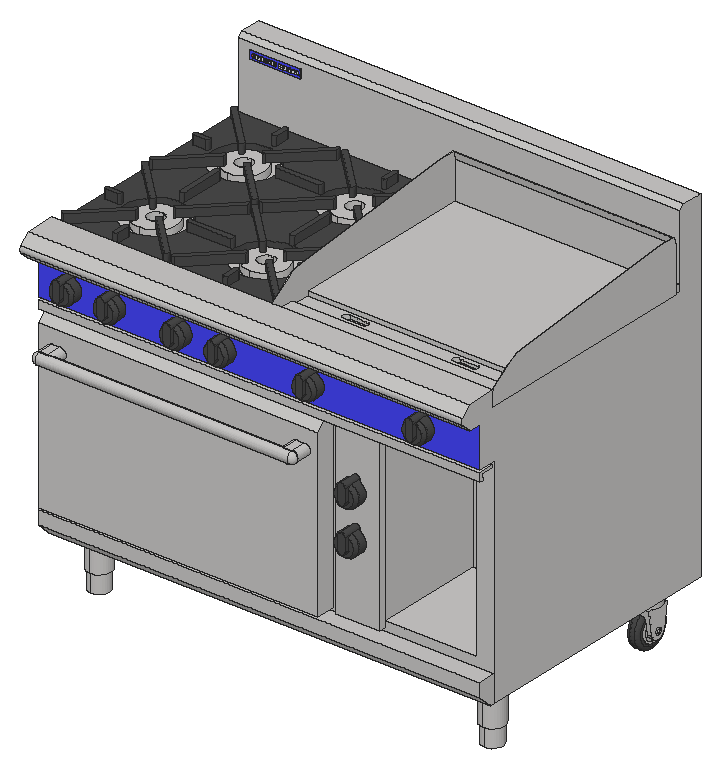
Revit family "QF_MOFFAT_BLUESEAL_CE_GE508B", category Specialty Equipment, Revit 2012
Parameters
  Width = 1200 mm
  Weight in Pounds = 485
  Watts = 6200 W
  Volts = 400 V
  URL Cutsheet = "www.moffat.com"
  URL = "www.moffat.com"
  Type Mark [instance] = ""
  Status [instance] = ""
  Specification by User [instance] = ""
  Specification by Manufacturer = ""
  Show Logo [instance] = yes
  Show Clearance [instance] = yes
  Show Casters [instance] = yes
  Serial Number = ""
  Seismic Rating = ""
  SMACNA No = ""
  Revision Code [instance] = ""
  Phase = 3
  Omniclass Number and Title = ""
  Number of Poles [instance] = 1
  NAFEM Spec ID Number = ""
  Model = "GE508B"
  Min Ckt Ampacity = 0 A
  Mechanical Remarks = ""
  Mechanical Connection Type [instance] = ""
  Max Overcurrent Protection = 0 A
  Masterspec = ""
  Manufacturer = "MOFFAT BLUESEAL"
  Legs [instance] = not(Show Casters)  # no
  Item Number [instance] = ""
  Installed By [instance] = ""
  Identify Quantity as Lot [instance] = yes
  Height = 970 mm
  HP = ""
  Gas Size = 3/4"
  Gas RI Height [instance] = 0 mm
  Gas KW [instance] = 40
  Gas Input [instance] = 137000.0 Btu/h
  Gas Connection Height = 0 mm
  Furnished By [instance] = ""
  Foodservice Equipment Identifier [instance] = yes
  FL Amps = 9.4 A
  Electrical Remarks = "9.4A PER PHASE"
  Electric Connection Type = ""
  Elec Conn RI Height = 0 mm
  Elec Conn Connection Height = 0 mm
  Description = "1200MM GAS RANGE WITH ELECTRIC STATIC OVEN"
  Depth = 812 mm
  Cycle = 50 Hz
  Conn Plug = ""
  Conn Conduit = yes
  CSI MasterFormat = ""
  CSI Master Format = ""
  Body Finish = QF_Finishes_Stainless Steel
  Apparent Power = 0 VA
Reference planes
  plane 1 "BACK": y = 0
  plane 2: z = 0
  plane 3 "LEFT": x = 0
  plane 4 "RIGHT": x = 1200
  plane 5 "FRONT": y = -812
  plane 6 "TOP": z = 970
  plane 7 "Center Y": x = 600
  plane 8 "Center X": y = -406
  plane 9: x = 280
  plane 10: y = -574.272
  plane 11: x = 60
  plane 12: y = -304.972
  plane 13: y = -364.972
  plane 14: x = 74
  plane 15: y = -812
  plane 16: x = 1134.5
  plane 17: y = -32
  plane 18: z = 655
  plane 19: x = 65.5
  plane 20: x = 65.8
  plane 21: z = 1085
  plane 22: y = -705
Forms (mm)
  Extrusion 1, solid, material "QF_Finishes_Stainless Steel" <- "Body Finish"
    sketch origin (0, 0, 0) x (0, 1, 0) y (0, 0, 1)
      loop
        line (0, 150) -> (0, 1085) -> (-57.5, 1085) -> (-70, 1072.5) -> (-70, 875) -> (-705, 875) -> (-705, 915) -> (-783.97, 915) -> (-808.49, 890.48)
        arc (-808.49, 890.48) -> (-812.002, 882) -> (-808.49, 873.52) r 11.993
        line (-808.49, 873.52) -> (-784.97, 850) -> (-749, 850) -> (-749, 740) -> (-699, 740) -> (-699, 150) -> (0, 150)
      loop
        line (-749, 222.5) -> (-749, 186) -> (-713.071, 150.071) -> (-703.2, 150.071) -> (-703.2, 222.5) -> (-749, 222.5)
      loop
        line (-749, 710) -> (-740.224, 710) -> (-742.613, 726.999) -> (-707.93, 726.999) -> (-707.93, 734.003) -> (-749, 734.003) -> (-749, 710)
    from 0 to 1200
  Extrusion 2, solid, material "QF_Finishes_Stainless Steel"
    sketch origin (0, 7, 0) x (0, 1, 0) y (0, 0, 1)
      loop
        line (-706, 700) -> (-732, 700) -> (-756, 676) -> (-756, 227.5) -> (-706, 227.5) -> (-706, 700)
    from 0 to 760
  Extrusion 3, solid, material "QF_Finishes_Stainless Steel"
    sketch origin (723.5, 7, 0) x (0, 1, 0) y (0, 0, 1)
      loop
        line (-706, 700) -> (-721, 700) -> (-721, 227.5) -> (-706, 227.5) -> (-706, 700)
    from 56.898 to 176.5
  Revolve 4, solid, material "QF_Finishes_Stainless Steel" <- "Body Finish"
    sketch origin (1134.5, -696.126, 0) x (0, 1, 0) y (0, 0, -1)
      loop
        line (39.376, -150) -> (71.126, -150) -> (71.126, 0) -> (43.626, 0) -> (43.626, -50) -> (39.376, -50) -> (39.376, -150)
      axis (71.126, -150) -> (71.126, 0)
    angle from 0 to 360
  Revolve 5, solid, material "QF_Finishes_Stainless Steel" <- "Body Finish"
    sketch origin (65.5, -696.126, 0) x (0, 1, 0) y (0, 0, 1)
      loop
        line (39.376, 150) -> (39.376, 50) -> (43.626, 50) -> (43.626, 0) -> (71.126, 0) -> (71.126, 150) -> (39.376, 150)
      axis (71.126, 150) -> (71.126, 0)
    angle from 0 to 360
  Extrusion 6, solid, material "QF_Finishes_Stainless Steel"
    sketch origin (-64.5, 0, 325) x (1, 0, 0) y (0, 1, 0)
      loop
        circle (1134.5, -32) r 10
    from 330 to 374.856
  Extrusion 7, void
    sketch origin (0, -703.73, 150) x (0, 0, -1) y (-1, 0, 0)
      loop
        line (-526, -900) -> (-526, -1150) -> (-96, -1150) -> (-96, -900) -> (-526, -900)
    from 0 to 304.8
  Extrusion 8, solid, material "QF_Finishes_Black"
    sketch origin (0, -70, 875) x (0, -1, 0) y (1, 0, 0)
      loop
        arc (1, 4) -> (1.879, 1.879) -> (4, 1) r 3
        line (4, 1) -> (632, 1)
        arc (632, 1) -> (634.121, 1.879) -> (635, 4) r 3
        line (635, 4) -> (635, 597)
        arc (635, 597) -> (634.121, 599.121) -> (632, 600) r 3
        line (632, 600) -> (4, 600)
        arc (4, 600) -> (1.879, 599.121) -> (1, 597) r 3
        line (1, 597) -> (1, 4)
      loop
        circle (167.5, 150) r 85
      loop
        circle (167.5, 450) r 85
      loop
        circle (467.768, 150) r 85
      loop
        circle (467.768, 450) r 85
    from 0 to 19.5
  Extrusion 9, solid, material "QF_Finishes_Black"
    sketch origin (0, -70, 894.5) x (0, -1, 0) y (1, 0, 0)
      loop
        spline (327.102, 15.153) -> (326.181, 13.924) -> (325.631, 12.47) -> (325.49, 10.89) -> (325.767, 9.292) -> (326.443, 7.786) -> (327.473, 6.473) -> (328.786, 5.443) -> (330.292, 4.767) -> (331.89, 4.49) -> (333.47, 4.631) -> (334.924, 5.181) -> (336.153, 6.102)
        line (336.153, 6.102) -> (444.076, 114.025)
        spline (444.076, 114.025) -> (444.837, 115.095) -> (445.238, 116.399) -> (445.251, 117.851) -> (444.875, 119.35) -> (444.137, 120.795) -> (443.086, 122.086) -> (441.795, 123.137) -> (440.35, 123.875) -> (438.851, 124.251) -> (437.399, 124.238) -> (436.095, 123.837) -> (435.025, 123.076)
        line (435.025, 123.076) -> (327.102, 15.153)
      loop
        line (611.398, 15.153) -> (503.475, 123.076)
        spline (503.475, 123.076) -> (502.405, 123.837) -> (501.101, 124.238) -> (499.649, 124.251) -> (498.15, 123.875) -> (496.705, 123.137) -> (495.414, 122.086) -> (494.363, 120.795) -> (493.625, 119.35) -> (493.249, 117.851) -> (493.262, 116.399) -> (493.663, 115.095) -> (494.424, 114.025)
        line (494.424, 114.025) -> (602.347, 6.102)
        spline (602.347, 6.102) -> (603.416, 5.341) -> (604.721, 4.941) -> (606.172, 4.928) -> (607.671, 5.303) -> (609.116, 6.041) -> (610.408, 7.092) -> (611.459, 8.384) -> (612.197, 9.829) -> (612.572, 11.328) -> (612.559, 12.779) -> (612.159, 14.084) -> (611.398, 15.153)
      loop
        spline (379.102, 143.6) -> (380.396, 143.818) -> (381.602, 144.457) -> (382.638, 145.475) -> (383.432, 146.8) -> (383.932, 148.344) -> (384.102, 150) -> (383.932, 151.656) -> (383.432, 153.2) -> (382.638, 154.525) -> (381.602, 155.543) -> (380.396, 156.182) -> (379.102, 156.4)
        line (379.102, 156.4) -> (259.398, 156.4)
        spline (259.398, 156.4) -> (258.104, 156.182) -> (256.898, 155.543) -> (255.862, 154.525) -> (255.068, 153.2) -> (254.568, 151.656) -> (254.398, 150) -> (254.568, 148.344) -> (255.068, 146.8) -> (255.862, 145.475) -> (256.898, 144.457) -> (258.104, 143.818) -> (259.398, 143.6)
        line (259.398, 143.6) -> (379.102, 143.6)
      loop
        spline (23.602, 15.153) -> (22.681, 13.924) -> (22.131, 12.47) -> (21.99, 10.89) -> (22.267, 9.292) -> (22.943, 7.786) -> (23.973, 6.473) -> (25.286, 5.443) -> (26.792, 4.767) -> (28.39, 4.49) -> (29.97, 4.631) -> (31.424, 5.181) -> (32.653, 6.102)
        line (32.653, 6.102) -> (140.576, 114.025)
        spline (140.576, 114.025) -> (141.337, 115.095) -> (141.738, 116.399) -> (141.751, 117.851) -> (141.375, 119.35) -> (140.637, 120.795) -> (139.586, 122.086) -> (138.295, 123.137) -> (136.85, 123.875) -> (135.351, 124.251) -> (133.899, 124.238) -> (132.595, 123.837) -> (131.525, 123.076)
        line (131.525, 123.076) -> (23.602, 15.153)
      loop
        line (311.398, 15.153) -> (203.475, 123.076)
        spline (203.475, 123.076) -> (202.405, 123.837) -> (201.101, 124.238) -> (199.649, 124.251) -> (198.15, 123.875) -> (196.705, 123.137) -> (195.414, 122.086) -> (194.363, 120.795) -> (193.625, 119.35) -> (193.249, 117.851) -> (193.262, 116.399) -> (193.663, 115.095) -> (194.424, 114.025)
        line (194.424, 114.025) -> (302.347, 6.102)
        spline (302.347, 6.102) -> (303.416, 5.341) -> (304.721, 4.941) -> (306.172, 4.928) -> (307.671, 5.303) -> (309.116, 6.041) -> (310.408, 7.092) -> (311.459, 8.384) -> (312.197, 9.829) -> (312.572, 11.328) -> (312.559, 12.779) -> (312.159, 14.084) -> (311.398, 15.153)
      loop
        line (327.102, 284.847) -> (435.025, 176.924)
        spline (435.025, 176.924) -> (436.095, 176.163) -> (437.399, 175.762) -> (438.851, 175.749) -> (440.35, 176.125) -> (441.795, 176.863) -> (443.086, 177.914) -> (444.137, 179.205) -> (444.875, 180.65) -> (445.251, 182.149) -> (445.238, 183.601) -> (444.837, 184.905) -> (444.076, 185.975)
        line (444.076, 185.975) -> (336.153, 293.898)
        spline (336.153, 293.898) -> (334.924, 294.819) -> (333.47, 295.369) -> (331.89, 295.51) -> (330.292, 295.233) -> (328.786, 294.557) -> (327.473, 293.527) -> (326.443, 292.214) -> (325.767, 290.708) -> (325.49, 289.11) -> (325.631, 287.53) -> (326.181, 286.076) -> (327.102, 284.847)
      loop
        spline (611.398, 284.847) -> (612.159, 285.916) -> (612.559, 287.221) -> (612.572, 288.672) -> (612.197, 290.171) -> (611.459, 291.616) -> (610.408, 292.908) -> (609.116, 293.959) -> (607.671, 294.697) -> (606.172, 295.072) -> (604.721, 295.059) -> (603.416, 294.659) -> (602.347, 293.898)
        line (602.347, 293.898) -> (494.424, 185.975)
        spline (494.424, 185.975) -> (493.663, 184.905) -> (493.262, 183.601) -> (493.249, 182.149) -> (493.625, 180.65) -> (494.363, 179.205) -> (495.414, 177.914) -> (496.705, 176.863) -> (498.15, 176.125) -> (499.649, 175.749) -> (501.101, 175.762) -> (502.405, 176.163) -> (503.475, 176.924)
        line (503.475, 176.924) -> (611.398, 284.847)
      loop
        spline (461.1, 241.898) -> (461.318, 240.604) -> (461.957, 239.398) -> (462.975, 238.362) -> (464.3, 237.568) -> (465.844, 237.068) -> (467.5, 236.898) -> (469.156, 237.068) -> (470.7, 237.568) -> (472.025, 238.362) -> (473.043, 239.398) -> (473.682, 240.604) -> (473.9, 241.898)
        line (473.9, 241.898) -> (473.9, 358.102)
        spline (473.9, 358.102) -> (473.682, 359.396) -> (473.043, 360.602) -> (472.025, 361.638) -> (470.7, 362.432) -> (469.156, 362.932) -> (467.5, 363.102) -> (465.844, 362.932) -> (464.3, 362.432) -> (462.975, 361.638) -> (461.957, 360.602) -> (461.318, 359.396) -> (461.1, 358.102)
        line (461.1, 358.102) -> (461.1, 241.898)
      loop
        line (23.602, 284.847) -> (131.525, 176.924)
        spline (131.525, 176.924) -> (132.595, 176.163) -> (133.899, 175.762) -> (135.351, 175.749) -> (136.85, 176.125) -> (138.295, 176.863) -> (139.586, 177.914) -> (140.637, 179.205) -> (141.375, 180.65) -> (141.751, 182.149) -> (141.738, 183.601) -> (141.337, 184.905) -> (140.576, 185.975)
        line (140.576, 185.975) -> (32.653, 293.898)
        spline (32.653, 293.898) -> (31.424, 294.819) -> (29.97, 295.369) -> (28.39, 295.51) -> (26.792, 295.233) -> (25.286, 294.557) -> (23.973, 293.527) -> (22.943, 292.214) -> (22.267, 290.708) -> (21.99, 289.11) -> (22.131, 287.53) -> (22.681, 286.076) -> (23.602, 284.847)
      loop
        spline (311.398, 284.847) -> (312.159, 285.916) -> (312.559, 287.221) -> (312.572, 288.672) -> (312.197, 290.171) -> (311.459, 291.616) -> (310.408, 292.908) -> (309.116, 293.959) -> (307.671, 294.697) -> (306.172, 295.072) -> (304.721, 295.059) -> (303.416, 294.659) -> (302.347, 293.898)
        line (302.347, 293.898) -> (194.424, 185.975)
        spline (194.424, 185.975) -> (193.663, 184.905) -> (193.262, 183.601) -> (193.249, 182.149) -> (193.625, 180.65) -> (194.363, 179.205) -> (195.414, 177.914) -> (196.705, 176.863) -> (198.15, 176.125) -> (199.649, 175.749) -> (201.101, 175.762) -> (202.405, 176.163) -> (203.475, 176.924)
        line (203.475, 176.924) -> (311.398, 284.847)
      loop
        spline (161.1, 241.898) -> (161.318, 240.604) -> (161.957, 239.398) -> (162.975, 238.362) -> (164.3, 237.568) -> (165.844, 237.068) -> (167.5, 236.898) -> (169.156, 237.068) -> (170.7, 237.568) -> (172.025, 238.362) -> (173.043, 239.398) -> (173.682, 240.604) -> (173.9, 241.898)
        line (173.9, 241.898) -> (173.9, 358.102)
        spline (173.9, 358.102) -> (173.682, 359.396) -> (173.043, 360.602) -> (172.025, 361.638) -> (170.7, 362.432) -> (169.156, 362.932) -> (167.5, 363.102) -> (165.844, 362.932) -> (164.3, 362.432) -> (162.975, 361.638) -> (161.957, 360.602) -> (161.318, 359.396) -> (161.1, 358.102)
        line (161.1, 358.102) -> (161.1, 241.898)
      loop
        line (379.102, 456.4) -> (259.398, 456.4)
        spline (259.398, 456.4) -> (258.104, 456.182) -> (256.898, 455.543) -> (255.862, 454.525) -> (255.068, 453.2) -> (254.568, 451.656) -> (254.398, 450) -> (254.568, 448.344) -> (255.068, 446.8) -> (255.862, 445.475) -> (256.898, 444.457) -> (258.104, 443.818) -> (259.398, 443.6)
        line (259.398, 443.6) -> (379.102, 443.6)
        spline (379.102, 443.6) -> (380.396, 443.818) -> (381.602, 444.457) -> (382.638, 445.475) -> (383.432, 446.8) -> (383.932, 448.344) -> (384.102, 450) -> (383.932, 451.656) -> (383.432, 453.2) -> (382.638, 454.525) -> (381.602, 455.543) -> (380.396, 456.182) -> (379.102, 456.4)
      loop
        spline (327.102, 315.153) -> (326.181, 313.924) -> (325.631, 312.47) -> (325.49, 310.89) -> (325.767, 309.292) -> (326.443, 307.786) -> (327.473, 306.473) -> (328.786, 305.443) -> (330.292, 304.767) -> (331.89, 304.49) -> (333.47, 304.631) -> (334.924, 305.181) -> (336.153, 306.102)
        line (336.153, 306.102) -> (444.076, 414.025)
        spline (444.076, 414.025) -> (444.837, 415.095) -> (445.238, 416.399) -> (445.251, 417.851) -> (444.875, 419.35) -> (444.137, 420.795) -> (443.086, 422.086) -> (441.795, 423.137) -> (440.35, 423.875) -> (438.851, 424.251) -> (437.399, 424.238) -> (436.095, 423.837) -> (435.025, 423.076)
        line (435.025, 423.076) -> (327.102, 315.153)
      loop
        line (611.398, 315.153) -> (503.475, 423.076)
        spline (503.475, 423.076) -> (502.405, 423.837) -> (501.101, 424.238) -> (499.649, 424.251) -> (498.15, 423.875) -> (496.705, 423.137) -> (495.414, 422.086) -> (494.363, 420.795) -> (493.625, 419.35) -> (493.249, 417.851) -> (493.262, 416.399) -> (493.663, 415.095) -> (494.424, 414.025)
        line (494.424, 414.025) -> (602.347, 306.102)
        spline (602.347, 306.102) -> (603.416, 305.341) -> (604.721, 304.941) -> (606.172, 304.928) -> (607.671, 305.303) -> (609.116, 306.041) -> (610.408, 307.092) -> (611.459, 308.384) -> (612.197, 309.829) -> (612.572, 311.328) -> (612.559, 312.779) -> (612.159, 314.084) -> (611.398, 315.153)
      loop
        spline (23.602, 315.153) -> (22.681, 313.924) -> (22.131, 312.47) -> (21.99, 310.89) -> (22.267, 309.292) -> (22.943, 307.786) -> (23.973, 306.473) -> (25.286, 305.443) -> (26.792, 304.767) -> (28.39, 304.49) -> (29.97, 304.631) -> (31.424, 305.181) -> (32.653, 306.102)
        line (32.653, 306.102) -> (140.576, 414.025)
        spline (140.576, 414.025) -> (141.337, 415.095) -> (141.738, 416.399) -> (141.751, 417.851) -> (141.375, 419.35) -> (140.637, 420.795) -> (139.586, 422.086) -> (138.295, 423.137) -> (136.85, 423.875) -> (135.351, 424.251) -> (133.899, 424.238) -> (132.595, 423.837) -> (131.525, 423.076)
        line (131.525, 423.076) -> (23.602, 315.153)
      loop
        line (311.398, 315.153) -> (203.475, 423.076)
        spline (203.475, 423.076) -> (202.405, 423.837) -> (201.101, 424.238) -> (199.649, 424.251) -> (198.15, 423.875) -> (196.705, 423.137) -> (195.414, 422.086) -> (194.363, 420.795) -> (193.625, 419.35) -> (193.249, 417.851) -> (193.262, 416.399) -> (193.663, 415.095) -> (194.424, 414.025)
        line (194.424, 414.025) -> (302.347, 306.102)
        spline (302.347, 306.102) -> (303.416, 305.341) -> (304.721, 304.941) -> (306.172, 304.928) -> (307.671, 305.303) -> (309.116, 306.041) -> (310.408, 307.092) -> (311.459, 308.384) -> (312.197, 309.829) -> (312.572, 311.328) -> (312.559, 312.779) -> (312.159, 314.084) -> (311.398, 315.153)
      loop
        line (327.102, 584.847) -> (435.025, 476.924)
        spline (435.025, 476.924) -> (436.095, 476.163) -> (437.399, 475.762) -> (438.851, 475.749) -> (440.35, 476.125) -> (441.795, 476.863) -> (443.086, 477.914) -> (444.137, 479.205) -> (444.875, 480.65) -> (445.251, 482.149) -> (445.238, 483.601) -> (444.837, 484.905) -> (444.076, 485.975)
        line (444.076, 485.975) -> (336.153, 593.898)
        spline (336.153, 593.898) -> (334.924, 594.819) -> (333.47, 595.369) -> (331.89, 595.51) -> (330.292, 595.233) -> (328.786, 594.557) -> (327.473, 593.527) -> (326.443, 592.214) -> (325.767, 590.708) -> (325.49, 589.11) -> (325.631, 587.53) -> (326.181, 586.076) -> (327.102, 584.847)
      loop
        spline (611.398, 584.847) -> (612.159, 585.916) -> (612.559, 587.221) -> (612.572, 588.672) -> (612.197, 590.171) -> (611.459, 591.616) -> (610.408, 592.908) -> (609.116, 593.959) -> (607.671, 594.697) -> (606.172, 595.072) -> (604.721, 595.059) -> (603.416, 594.659) -> (602.347, 593.898)
        line (602.347, 593.898) -> (494.424, 485.975)
        spline (494.424, 485.975) -> (493.663, 484.905) -> (493.262, 483.601) -> (493.249, 482.149) -> (493.625, 480.65) -> (494.363, 479.205) -> (495.414, 477.914) -> (496.705, 476.863) -> (498.15, 476.125) -> (499.649, 475.749) -> (501.101, 475.762) -> (502.405, 476.163) -> (503.475, 476.924)
        line (503.475, 476.924) -> (611.398, 584.847)
      loop
        line (23.602, 584.847) -> (131.525, 476.924)
        spline (131.525, 476.924) -> (132.595, 476.163) -> (133.899, 475.762) -> (135.351, 475.749) -> (136.85, 476.125) -> (138.295, 476.863) -> (139.586, 477.914) -> (140.637, 479.205) -> (141.375, 480.65) -> (141.751, 482.149) -> (141.738, 483.601) -> (141.337, 484.905) -> (140.576, 485.975)
        line (140.576, 485.975) -> (32.653, 593.898)
        spline (32.653, 593.898) -> (31.424, 594.819) -> (29.97, 595.369) -> (28.39, 595.51) -> (26.792, 595.233) -> (25.286, 594.557) -> (23.973, 593.527) -> (22.943, 592.214) -> (22.267, 590.708) -> (21.99, 589.11) -> (22.131, 587.53) -> (22.681, 586.076) -> (23.602, 584.847)
      loop
        spline (311.398, 584.847) -> (312.159, 585.916) -> (312.559, 587.221) -> (312.572, 588.672) -> (312.197, 590.171) -> (311.459, 591.616) -> (310.408, 592.908) -> (309.116, 593.959) -> (307.671, 594.697) -> (306.172, 595.072) -> (304.721, 595.059) -> (303.416, 594.659) -> (302.347, 593.898)
        line (302.347, 593.898) -> (194.424, 485.975)
        spline (194.424, 485.975) -> (193.663, 484.905) -> (193.262, 483.601) -> (193.249, 482.149) -> (193.625, 480.65) -> (194.363, 479.205) -> (195.414, 477.914) -> (196.705, 476.863) -> (198.15, 476.125) -> (199.649, 475.749) -> (201.101, 475.762) -> (202.405, 476.163) -> (203.475, 476.924)
        line (203.475, 476.924) -> (311.398, 584.847)
      loop
        spline (473.9, 592.104) -> (473.682, 593.398) -> (473.043, 594.604) -> (472.025, 595.64) -> (470.7, 596.434) -> (469.156, 596.934) -> (467.5, 597.104) -> (465.844, 596.934) -> (464.3, 596.434) -> (462.975, 595.64) -> (461.957, 594.604) -> (461.318, 593.398) -> (461.1, 592.104)
        line (461.1, 592.104) -> (461.1, 542.13)
        spline (461.1, 542.13) -> (461.318, 540.836) -> (461.957, 539.63) -> (462.975, 538.595) -> (464.3, 537.8) -> (465.844, 537.301) -> (467.5, 537.13) -> (469.156, 537.301) -> (470.7, 537.8) -> (472.025, 538.595) -> (473.043, 539.63) -> (473.682, 540.836) -> (473.9, 542.13)
        line (473.9, 542.13) -> (473.9, 592.104)
      loop
        spline (173.9, 592.104) -> (173.682, 593.398) -> (173.043, 594.604) -> (172.025, 595.64) -> (170.7, 596.434) -> (169.156, 596.934) -> (167.5, 597.104) -> (165.844, 596.934) -> (164.3, 596.434) -> (162.975, 595.64) -> (161.957, 594.604) -> (161.318, 593.398) -> (161.1, 592.104)
        line (161.1, 592.104) -> (161.1, 542.13)
        spline (161.1, 542.13) -> (161.318, 540.836) -> (161.957, 539.63) -> (162.975, 538.595) -> (164.3, 537.8) -> (165.844, 537.301) -> (167.5, 537.13) -> (169.156, 537.301) -> (170.7, 537.8) -> (172.025, 538.595) -> (173.043, 539.63) -> (173.682, 540.836) -> (173.9, 542.13)
        line (173.9, 542.13) -> (173.9, 592.104)
      loop
        spline (65.602, 143.6) -> (66.896, 143.818) -> (68.102, 144.457) -> (69.138, 145.475) -> (69.932, 146.8) -> (70.432, 148.344) -> (70.602, 150) -> (70.432, 151.656) -> (69.932, 153.2) -> (69.138, 154.525) -> (68.102, 155.543) -> (66.896, 156.182) -> (65.602, 156.4)
        line (65.602, 156.4) -> (29.398, 156.4)
        spline (29.398, 156.4) -> (28.104, 156.182) -> (26.898, 155.543) -> (25.862, 154.525) -> (25.068, 153.2) -> (24.568, 151.656) -> (24.398, 150) -> (24.568, 148.344) -> (25.068, 146.8) -> (25.862, 145.475) -> (26.898, 144.457) -> (28.104, 143.818) -> (29.398, 143.6)
        line (29.398, 143.6) -> (65.602, 143.6)
      loop
        spline (65.602, 443.6) -> (66.896, 443.818) -> (68.102, 444.457) -> (69.138, 445.475) -> (69.932, 446.8) -> (70.432, 448.344) -> (70.602, 450) -> (70.432, 451.656) -> (69.932, 453.2) -> (69.138, 454.525) -> (68.102, 455.543) -> (66.896, 456.182) -> (65.602, 456.4)
        line (65.602, 456.4) -> (29.398, 456.4)
        spline (29.398, 456.4) -> (28.104, 456.182) -> (26.898, 455.543) -> (25.862, 454.525) -> (25.068, 453.2) -> (24.568, 451.656) -> (24.398, 450) -> (24.568, 448.344) -> (25.068, 446.8) -> (25.862, 445.475) -> (26.898, 444.457) -> (28.104, 443.818) -> (29.398, 443.6)
        line (29.398, 443.6) -> (65.602, 443.6)
      loop
        spline (605.602, 143.6) -> (606.896, 143.818) -> (608.102, 144.457) -> (609.138, 145.475) -> (609.932, 146.8) -> (610.432, 148.344) -> (610.602, 150) -> (610.432, 151.656) -> (609.932, 153.2) -> (609.138, 154.525) -> (608.102, 155.543) -> (606.896, 156.182) -> (605.602, 156.4)
        line (605.602, 156.4) -> (569.398, 156.4)
        spline (569.398, 156.4) -> (568.104, 156.182) -> (566.898, 155.543) -> (565.862, 154.525) -> (565.068, 153.2) -> (564.568, 151.656) -> (564.398, 150) -> (564.568, 148.344) -> (565.068, 146.8) -> (565.862, 145.475) -> (566.898, 144.457) -> (568.104, 143.818) -> (569.398, 143.6)
        line (569.398, 143.6) -> (605.602, 143.6)
      loop
        spline (605.602, 443.6) -> (606.896, 443.818) -> (608.102, 444.457) -> (609.138, 445.475) -> (609.932, 446.8) -> (610.432, 448.344) -> (610.602, 450) -> (610.432, 451.656) -> (609.932, 453.2) -> (609.138, 454.525) -> (608.102, 455.543) -> (606.896, 456.182) -> (605.602, 456.4)
        line (605.602, 456.4) -> (569.398, 456.4)
        spline (569.398, 456.4) -> (568.104, 456.182) -> (566.898, 455.543) -> (565.862, 454.525) -> (565.068, 453.2) -> (564.568, 451.656) -> (564.398, 450) -> (564.568, 448.344) -> (565.068, 446.8) -> (565.862, 445.475) -> (566.898, 444.457) -> (568.104, 443.818) -> (569.398, 443.6)
        line (569.398, 443.6) -> (605.602, 443.6)
      loop
        line (460.626, 50.584) -> (460.626, 16.591)
        spline (460.626, 16.591) -> (460.844, 15.297) -> (461.483, 14.091) -> (462.501, 13.055) -> (463.826, 12.261) -> (465.37, 11.761) -> (467.026, 11.591) -> (468.682, 11.761) -> (470.226, 12.261) -> (471.551, 13.055) -> (472.569, 14.091) -> (473.208, 15.297) -> (473.426, 16.591)
        line (473.426, 16.591) -> (473.426, 50.584)
        spline (473.426, 50.584) -> (473.208, 51.878) -> (472.569, 53.084) -> (471.551, 54.119) -> (470.226, 54.914) -> (468.682, 55.413) -> (467.026, 55.584) -> (465.37, 55.413) -> (463.826, 54.914) -> (462.501, 54.119) -> (461.483, 53.084) -> (460.844, 51.878) -> (460.626, 50.584)
      loop
        line (160.11, 50.584) -> (160.11, 16.591)
        spline (160.11, 16.591) -> (160.328, 15.297) -> (160.967, 14.091) -> (161.984, 13.055) -> (163.31, 12.261) -> (164.853, 11.761) -> (166.51, 11.591) -> (168.166, 11.761) -> (169.71, 12.261) -> (171.035, 13.055) -> (172.052, 14.091) -> (172.692, 15.297) -> (172.91, 16.591)
        line (172.91, 16.591) -> (172.91, 50.584)
        spline (172.91, 50.584) -> (172.692, 51.878) -> (172.052, 53.084) -> (171.035, 54.119) -> (169.71, 54.914) -> (168.166, 55.413) -> (166.51, 55.584) -> (164.853, 55.413) -> (163.31, 54.914) -> (161.984, 54.119) -> (160.967, 53.084) -> (160.328, 51.878) -> (160.11, 50.584)
    from 0 to 23.5
  Revolve 10, solid, material "QF_Finishes_Black"
    sketch origin (750.113, 45.874, -0.118) x (0, 1, 0) y (0, 0, 1)
      loop
        line (-827.874, 829.5) -> (-838.874, 823.651) -> (-838.874, 797) -> (-794.874, 797) -> (-794.874, 802) -> (-804.874, 802) -> (-804.874, 829.5) -> (-827.874, 829.5)
      axis (-838.874, 797) -> (-794.874, 797)
    angle from 0 to 360
  Revolve 11, solid, material "QF_Finishes_Black"
    sketch origin (90.649, 45.874, -0.118) x (0, 1, 0) y (0, 0, -1)
      loop
        line (-827.874, -829.5) -> (-804.874, -829.5) -> (-804.874, -802) -> (-794.874, -802) -> (-794.874, -797) -> (-838.874, -797) -> (-838.874, -823.651) -> (-827.874, -829.5)
      axis (-838.874, -797) -> (-794.874, -797)
    angle from 0 to 360
  Revolve 12, solid, material "QF_Finishes_Black"
    sketch origin (210.649, 45.874, -0.118) x (0, 1, 0) y (0, 0, -1)
      loop
        line (-827.874, -829.5) -> (-804.874, -829.5) -> (-804.874, -802) -> (-794.874, -802) -> (-794.874, -797) -> (-838.874, -797) -> (-838.874, -823.651) -> (-827.874, -829.5)
      axis (-838.874, -797) -> (-794.874, -797)
    angle from 0 to 360
  Revolve 13, solid, material "QF_Finishes_Black"
    sketch origin (390.625, 45.874, -0.118) x (0, 1, 0) y (0, 0, -1)
      loop
        line (-827.874, -829.5) -> (-804.874, -829.5) -> (-804.874, -802) -> (-794.874, -802) -> (-794.874, -797) -> (-838.874, -797) -> (-838.874, -823.651) -> (-827.874, -829.5)
      axis (-838.874, -797) -> (-794.874, -797)
    angle from 0 to 360
  Revolve 14, solid, material "QF_Finishes_Black"
    sketch origin (510.625, 45.874, -0.118) x (0, 1, 0) y (0, 0, -1)
      loop
        line (-827.874, -829.5) -> (-804.874, -829.5) -> (-804.874, -802) -> (-794.874, -802) -> (-794.874, -797) -> (-838.874, -797) -> (-838.874, -823.651) -> (-827.874, -829.5)
      axis (-838.874, -797) -> (-794.874, -797)
    angle from 0 to 360
  Extrusion 15, solid, material "QF_Finishes_Black"
    sketch origin (238.456, 7, -0.118) x (-1, 0, 0) y (0, 0, -1)
      loop
        arc (158.3, -789) -> (148.3, -779) -> (138.3, -789) r 10
        line (138.3, -789) -> (138.3, -824)
        arc (138.3, -824) -> (148.3, -834) -> (158.3, -824) r 10
        line (158.3, -824) -> (158.3, -789)
    from 759 to 808
  Extrusion 16, solid, material "QF_Finishes_Black"
    sketch origin (358.456, 7, -0.118) x (-1, 0, 0) y (0, 0, -1)
      loop
        arc (158.3, -789) -> (148.3, -779) -> (138.3, -789) r 10
        line (138.3, -789) -> (138.3, -824)
        arc (138.3, -824) -> (148.3, -834) -> (158.3, -824) r 10
        line (158.3, -824) -> (158.3, -789)
    from 759 to 808
  Extrusion 17, solid, material "QF_Finishes_Black"
    sketch origin (538.432, 7, -0.118) x (-1, 0, 0) y (0, 0, -1)
      loop
        arc (158.3, -789) -> (148.3, -779) -> (138.3, -789) r 10
        line (138.3, -789) -> (138.3, -824)
        arc (138.3, -824) -> (148.3, -834) -> (158.3, -824) r 10
        line (158.3, -824) -> (158.3, -789)
    from 759 to 808
  Extrusion 18, solid, material "QF_Finishes_Black"
    sketch origin (658.432, 7, -0.118) x (-1, 0, 0) y (0, 0, -1)
      loop
        arc (158.3, -789) -> (148.3, -779) -> (138.3, -789) r 10
        line (138.3, -789) -> (138.3, -824)
        arc (138.3, -824) -> (148.3, -834) -> (158.3, -824) r 10
        line (158.3, -824) -> (158.3, -789)
    from 759 to 808
  Extrusion 19, solid, material "QF_Finishes_Black"
    sketch origin (897.92, 7, -0.118) x (-1, 0, 0) y (0, 0, -1)
      loop
        arc (158.3, -789) -> (148.3, -779) -> (138.3, -789) r 10
        line (138.3, -789) -> (138.3, -824)
        arc (138.3, -824) -> (148.3, -834) -> (158.3, -824) r 10
        line (158.3, -824) -> (158.3, -789)
    from 759 to 808
  Revolve 20, solid, material "QF_Finishes_Black"
    sketch origin (836.851, 80.874, -246.368) x (0, 1, 0) y (0, 0, 1)
      loop
        line (-827.874, 829.5) -> (-838.874, 823.651) -> (-838.874, 797) -> (-794.874, 797) -> (-794.874, 802) -> (-804.874, 802) -> (-804.874, 829.5) -> (-827.874, 829.5)
      axis (-838.874, 797) -> (-794.874, 797)
    angle from 0 to 360
  Extrusion 21, solid, material "QF_Finishes_Black"
    sketch origin (389.044, 42, -246.368) x (1, 0, 0) y (0, 0, 1)
      loop
        line (458.3, 789) -> (458.3, 824)
        arc (458.3, 824) -> (448.3, 834) -> (438.3, 824) r 10
        line (438.3, 824) -> (438.3, 789)
        arc (438.3, 789) -> (448.3, 779) -> (458.3, 789) r 10
    from 759 to 808
  Extrusion 22, solid, material "QF_Door-Drawer Clearances", visible <- "Show Clearance", detail levels coarse
    sketch origin (760, 7, 0) x (0, 1, 0) y (0, 0, 1)
      loop
        arc (-756, 697.347) -> (-1088.232, 559.732) -> (-1225.847, 227.5) r 469.847
        line (-1225.847, 227.5) -> (-756, 227.5) -> (-756, 697.347)
    from 0 to -760
  Extrusion 23, void
    sketch origin (0, 0, 150) x (-1, 0, 0) y (0, -1, 0)
      loop
        line (-1133.988, 87.26) -> (-1133.988, -30.24) -> (-1004.488, -30.24) -> (-1004.488, 38.76) -> (-1052.988, 87.26) -> (-1133.988, 87.26)
    from 72.5 to 549.856
  Extrusion 24, solid, material "QF_Finishes_Stainless Steel"
    sketch origin (0, -749, 227.5) x (0, 0, 1) y (-1, 0, 0)
      loop
        line (380.625, -38.246) -> (380.625, -58.528)
        arc (380.625, -58.528) -> (395.625, -73.528) -> (410.625, -58.528) r 15
        line (410.625, -58.528) -> (410.625, -38.246)
        arc (410.625, -38.246) -> (395.625, -23.246) -> (380.625, -38.246) r 15
      loop
        arc (380.625, -723.039) -> (395.625, -738.039) -> (410.625, -723.039) r 15
        line (410.625, -723.039) -> (410.625, -702.757)
        arc (410.625, -702.757) -> (395.625, -687.757) -> (380.625, -702.757) r 15
        line (380.625, -702.757) -> (380.625, -723.039)
    from 0 to 44
  Revolve 25, solid, material "QF_Finishes_Stainless Steel"
    sketch origin (0, -793, 0) x (1, 0, 0) y (0, 0, 1)
      loop
        arc (738.039, 623.125) -> (733.646, 633.732) -> (723.039, 638.125) r 15
        line (723.039, 638.125) -> (38.246, 638.125)
        arc (38.246, 638.125) -> (27.64, 633.732) -> (23.246, 623.125) r 15
        line (23.246, 623.125) -> (738.039, 623.125)
      axis (738.039, 623.125) -> (23.246, 623.125)
    angle from 0 to 360
  Extrusion 26, solid, material "QF_Finishes_Stainless Steel"
    sketch origin (0, -70, 875) x (0, -1, 0) y (1, 0, 0)
      loop
        circle (167.5, 450) r 57
      loop
        circle (467.5, 450) r 57
      loop
        circle (467.5, 150) r 57
      loop
        circle (167.5, 150) r 57
      loop
        circle (467.5, 150) r 22
      loop
        circle (467.5, 450) r 22
      loop
        circle (167.5, 450) r 22
      loop
        circle (167.5, 150) r 22
    from 0 to 19.5
  Extrusion 27, solid, material "QF_Finishes_Stainless Steel"
    sketch origin (0, 0, 0) x (1, 0, 0) y (0, 1, 0)
      loop
        circle (826, -501) r 6.35
    from 148.072 to 150
  Extrusion 28, solid, material "QF_Finishes_Stainless Steel", visible <- "Show Casters"
    sketch origin (71.501, 133.353, -8.783) x (0, 1, 0) y (0, 0, 1)
      loop
        line (-201.603, 118.783) -> (-265.103, 118.783) -> (-252.746, 53.895)
        arc (-252.746, 53.895) -> (-233.353, 38.783) -> (-213.959, 53.895) r 20
        line (-213.959, 53.895) -> (-201.603, 118.783)
    from -35.667 to 22.923
  Revolve 29, solid, material "QF_Finishes_Stainless Steel", visible <- "Show Casters"
    sketch origin (65, -203, 0) x (0, 1, 0) y (0, 0, 1)
      loop
        line (67.25, 150) -> (67.25, 110) -> (103, 110) -> (103, 150) -> (67.25, 150)
      axis (103, 150) -> (103, 110)
    angle from 0 to 360
  Revolve 30, solid, material "QF_Finishes_Stainless Steel", visible <- "Show Casters"
    sketch origin (1134.5, -203, 0) x (0, 1, 0) y (0, 0, -1)
      loop
        line (67.25, -150) -> (103, -150) -> (103, -110) -> (67.25, -110) -> (67.25, -150)
      axis (103, -150) -> (103, -110)
    angle from 0 to 360
  Revolve 31, solid, material "QF_Finishes_Stainless Steel", visible <- "Show Casters"
    sketch origin (1085.276, -99.755, -13.653) x (1, 0, 0) y (0, 0, 1)
      loop
        line (14.841, 64.453) -> (83.584, 64.453) -> (83.584, 67.958) -> (82.314, 69.228) -> (80.79, 69.228) -> (80.79, 72.674) -> (68.644, 72.674) -> (68.644, 82.639) -> (65.088, 84.692) -> (63.738, 93.028) -> (65.881, 93.028) -> (65.881, 99.378) -> (65.088, 99.378) -> (65.088, 105.728)
        arc (65.088, 105.728) -> (62.298, 112.463) -> (55.563, 115.253) r 9.525
        line (55.563, 115.253) -> (42.863, 115.253)
        arc (42.863, 115.253) -> (36.127, 112.463) -> (33.338, 105.728) r 9.525
        line (33.338, 105.728) -> (33.338, 99.378) -> (32.544, 99.378) -> (32.544, 93.028) -> (34.687, 93.028) -> (33.352, 84.781) -> (29.782, 82.719) -> (29.782, 72.674) -> (17.635, 72.674) -> (17.635, 69.228) -> (16.111, 69.228) -> (14.841, 67.958) -> (14.841, 64.453)
      axis (14.841, 64.453) -> (83.584, 64.453)
    angle from 0 to 360
  Extrusion 32, solid, material "QF_Finishes_Stainless Steel", visible <- "Show Casters"
    sketch origin (1141.001, 133.353, -8.783) x (0, 1, 0) y (0, 0, 1)
      loop
        line (-201.603, 118.783) -> (-265.103, 118.783) -> (-252.746, 53.895)
        arc (-252.746, 53.895) -> (-233.353, 38.783) -> (-213.959, 53.895) r 20
        line (-213.959, 53.895) -> (-201.603, 118.783)
    from -35.667 to 22.923
  Revolve 33, solid, material "QF_Finishes_Stainless Steel", visible <- "Legs"
    sketch origin (65, -165, 0) x (0, 1, 0) y (0, 0, 1)
      loop
        line (33.25, 150) -> (33.25, 50) -> (37.5, 50) -> (37.5, 0) -> (65, 0) -> (65, 150) -> (33.25, 150)
      axis (65, 150) -> (65, 0)
    angle from 0 to 360
  Revolve 34, solid, material "QF_Finishes_Stainless Steel", visible <- "Legs"
    sketch origin (1134.5, -165, 0) x (0, 1, 0) y (0, 0, -1)
      loop
        line (33.25, -150) -> (65, -150) -> (65, 0) -> (37.5, 0) -> (37.5, -50) -> (33.25, -50) -> (33.25, -150)
      axis (65, -150) -> (65, 0)
    angle from 0 to 360
  Revolve 35, solid, material "QF_Finishes_Stainless Steel", visible <- "Show Casters"
    sketch origin (114.224, -99.755, -13.653) x (-1, 0, 0) y (0, 0, -1)
      loop
        line (14.841, -64.453) -> (14.841, -67.958) -> (16.111, -69.228) -> (17.635, -69.228) -> (17.635, -72.674) -> (29.782, -72.674) -> (29.782, -82.719) -> (33.352, -84.781) -> (34.687, -93.028) -> (32.544, -93.028) -> (32.544, -99.378) -> (33.338, -99.378) -> (33.338, -105.728)
        arc (33.338, -105.728) -> (36.127, -112.463) -> (42.863, -115.253) r 9.525
        line (42.863, -115.253) -> (55.563, -115.253)
        arc (55.563, -115.253) -> (62.298, -112.463) -> (65.088, -105.728) r 9.525
        line (65.088, -105.728) -> (65.088, -99.378) -> (65.881, -99.378) -> (65.881, -93.028) -> (63.738, -93.028) -> (65.088, -84.692) -> (68.644, -82.639) -> (68.644, -72.674) -> (80.79, -72.674) -> (80.79, -69.228) -> (82.314, -69.228) -> (83.584, -67.958) -> (83.584, -64.453) -> (14.841, -64.453)
      axis (14.841, -64.453) -> (83.584, -64.453)
    angle from 0 to 360
  Revolve 36, solid, material "QF_Finishes_Black"
    sketch origin (836.851, 80.874, -366.368) x (0, 1, 0) y (0, 0, 1)
      loop
        line (-827.874, 829.5) -> (-838.874, 823.651) -> (-838.874, 797) -> (-794.874, 797) -> (-794.874, 802) -> (-804.874, 802) -> (-804.874, 829.5) -> (-827.874, 829.5)
      axis (-838.874, 797) -> (-794.874, 797)
    angle from 0 to 360
  Extrusion 37, solid, material "QF_Finishes_Black"
    sketch origin (389.044, 42, -366.368) x (1, 0, 0) y (0, 0, 1)
      loop
        line (458.3, 789) -> (458.3, 824)
        arc (458.3, 824) -> (448.3, 834) -> (438.3, 824) r 10
        line (438.3, 824) -> (438.3, 789)
        arc (438.3, 789) -> (448.3, 779) -> (458.3, 789) r 10
    from 759 to 808
  Revolve 38, solid, material "QF_Finishes_Black"
    sketch origin (1049.887, 45.874, -0.118) x (0, 1, 0) y (0, 0, 1)
      loop
        line (-827.874, 829.5) -> (-838.874, 823.651) -> (-838.874, 797) -> (-794.874, 797) -> (-794.874, 802) -> (-804.874, 802) -> (-804.874, 829.5) -> (-827.874, 829.5)
      axis (-838.874, 797) -> (-794.874, 797)
    angle from 0 to 360
  Extrusion 39, solid, material "QF_Finishes_Black"
    sketch origin (1197.694, 7, -0.118) x (-1, 0, 0) y (0, 0, -1)
      loop
        arc (158.3, -789) -> (148.3, -779) -> (138.3, -789) r 10
        line (138.3, -789) -> (138.3, -824)
        arc (138.3, -824) -> (148.3, -834) -> (158.3, -824) r 10
        line (158.3, -824) -> (158.3, -789)
    from 759 to 808
Cuts and joins
  Extrusion 7, Extrusion 23 cuts Extrusion 1
Lines and regions (mm)
  Split face 1
    outline origin (1200, 0, 1085) x (-1, 0, 0) y (0, -1, 0)
      loop
        arc (935.206, 45.185) -> (926.545, 40.185) -> (926.545, 30.185) r 10
        line (926.545, 30.185) -> (930.587, 23.185)
        arc (930.587, 23.185) -> (934.247, 19.525) -> (939.247, 18.185) r 10
        line (939.247, 18.185) -> (1167.206, 18.185)
        arc (1167.206, 18.185) -> (1175.866, 23.185) -> (1175.866, 33.185) r 10
        line (1175.866, 33.185) -> (1171.824, 40.185)
        arc (1171.824, 40.185) -> (1168.164, 43.845) -> (1163.164, 45.185) r 10
        line (1163.164, 45.185) -> (935.206, 45.185)
  Split face 2
    outline origin (1200, 0, 1085) x (-1, 0, 0) y (0, -1, 0)
      loop
        arc (635.206, 45.185) -> (626.545, 40.185) -> (626.545, 30.185) r 10
        line (626.545, 30.185) -> (630.587, 23.185)
        arc (630.587, 23.185) -> (634.247, 19.525) -> (639.247, 18.185) r 10
        line (639.247, 18.185) -> (867.206, 18.185)
        arc (867.206, 18.185) -> (875.866, 23.185) -> (875.866, 33.185) r 10
        line (875.866, 33.185) -> (871.824, 40.185)
        arc (871.824, 40.185) -> (868.164, 43.845) -> (863.164, 45.185) r 10
        line (863.164, 45.185) -> (635.206, 45.185)
  Split face 3
    outline origin (1200, 0, 1085) x (-1, 0, 0) y (0, -1, 0)
      loop
        arc (335.206, 45.185) -> (326.545, 40.185) -> (326.545, 30.185) r 10
        line (326.545, 30.185) -> (330.587, 23.185)
        arc (330.587, 23.185) -> (334.247, 19.525) -> (339.247, 18.185) r 10
        line (339.247, 18.185) -> (567.206, 18.185)
        arc (567.206, 18.185) -> (575.866, 23.185) -> (575.866, 33.185) r 10
        line (575.866, 33.185) -> (571.824, 40.185)
        arc (571.824, 40.185) -> (568.164, 43.845) -> (563.164, 45.185) r 10
        line (563.164, 45.185) -> (335.206, 45.185)
  Split face 4
    outline origin (1200, 0, 1085) x (-1, 0, 0) y (0, -1, 0)
      loop
        arc (35.206, 45.185) -> (26.545, 40.185) -> (26.545, 30.185) r 10
        line (26.545, 30.185) -> (30.587, 23.185)
        arc (30.587, 23.185) -> (34.247, 19.525) -> (39.247, 18.185) r 10
        line (39.247, 18.185) -> (267.206, 18.185)
        arc (267.206, 18.185) -> (275.866, 23.185) -> (275.866, 33.185) r 10
        line (275.866, 33.185) -> (271.824, 40.185)
        arc (271.824, 40.185) -> (268.164, 43.845) -> (263.164, 45.185) r 10
        line (263.164, 45.185) -> (35.206, 45.185)
  symbolic lines
    curve 1: line (0, 0, 0) -> (0, -812, 0)
    curve 2: line (1200, 0, 0) -> (0, 0, 0)
    curve 3: line (1200, -812, 0) -> (1200, 0, 0)
    curve 4: line (0, -70, 0) -> (1200, -70, 0)
    curve 5: line (1200, -812, 0) -> (0, -812, 0)
    curve 6: line (1200, -708.3, 0) -> (0, -708.3, 0)
    curve 7: line (0, -705, 0) -> (1200, -705, 0)
    curve 8: line (1200, -72.734, 0) -> (0, -72.734, 0)
    curve 9: arc (22.65, -812, 0) -> (34.104, -822.278, 0) -> (48.889, -826.544, 0) r 34.455
    curve 10: line (48.889, -826.544, 0) -> (718.108, -826.544, 0)
    curve 11: arc (718.108, -826.544, 0) -> (732.653, -822.647, 0) -> (743.3, -812, 0) r 29.089
    curve 12: line (6.08, -94.387, 0) -> (121.515, -209.822, 0)
    curve 13: line (293.92, -94.387, 0) -> (178.485, -209.822, 0)
    curve 14: line (6.83, -379.864, 0) -> (121.515, -265.178, 0)
    curve 15: line (292.516, -379.21, 0) -> (178.485, -265.178, 0)
    curve 16: line (362.78, -237.81, 0) -> (237.78, -237.81, 0)
    curve 17: line (362.78, -537.81, 0) -> (237.78, -537.81, 0)
    curve 18: line (6.08, -398.155, 0) -> (121.515, -510.089, 0)
    curve 19: line (293.92, -398.155, 0) -> (178.485, -510.089, 0)
    curve 20: line (9.883, -677.078, 0) -> (121.515, -565.446, 0)
    curve 21: line (291.622, -678.583, 0) -> (178.485, -565.446, 0)
    curve 22: arc (150, -294.5, 0) -> (207, -237.5, 0) -> (150, -180.5, 0) r 57
    curve 23: arc (150, -180.5, 0) -> (93, -237.5, 0) -> (150, -294.5, 0) r 57
    curve 24: arc (150, -594.5, 0) -> (207, -537.5, 0) -> (150, -480.5, 0) r 57
    curve 25: arc (150, -480.5, 0) -> (93, -537.5, 0) -> (150, -594.5, 0) r 57
    curve 26: line (306.08, -94.387, 0) -> (421.515, -209.822, 0)
    curve 27: line (593.92, -94.387, 0) -> (478.485, -209.822, 0)
    curve 28: line (307.269, -379.424, 0) -> (421.515, -265.178, 0)
    curve 29: line (592.673, -379.366, 0) -> (478.485, -265.178, 0)
    curve 30: line (597.78, -237.81, 0) -> (537.78, -237.81, 0)
    curve 31: arc (450, -294.5, 0) -> (507, -237.5, 0) -> (450, -180.5, 0) r 57
    curve 32: arc (450, -180.5, 0) -> (393, -237.5, 0) -> (450, -294.5, 0) r 57
    curve 33: line (306.08, -398.155, 0) -> (421.515, -510.089, 0)
    curve 34: line (593.92, -398.155, 0) -> (478.485, -510.089, 0)
    curve 35: line (308.378, -678.583, 0) -> (421.515, -565.446, 0)
    curve 36: line (593.555, -680.516, 0) -> (478.485, -565.446, 0)
    curve 37: line (149.618, -450.258, 0) -> (149.618, -325.258, 0)
    curve 38: line (449.618, -450.258, 0) -> (449.618, -325.258, 0)
    curve 39: line (597.78, -537.81, 0) -> (537.78, -537.81, 0)
    curve 40: line (149.197, -139.807, 0) -> (149.197, -94.807, 0)
    curve 41: line (149.197, -674.807, 0) -> (149.197, -634.807, 0)
    curve 42: line (449.197, -139.807, 0) -> (449.197, -94.807, 0)
    curve 43: line (449.197, -674.807, 0) -> (449.197, -634.807, 0)
    curve 44: line (49.678, -236.51, 0) -> (14.678, -236.51, 0)
    curve 45: line (49.678, -536.51, 0) -> (14.678, -536.51, 0)
    curve 46: arc (450, -594.5, 0) -> (507, -537.5, 0) -> (450, -480.5, 0) r 57
    curve 47: arc (450, -480.5, 0) -> (393, -537.5, 0) -> (450, -594.5, 0) r 57
    curve 51: arc (150, -322.5, 0) -> (65, -237.5, 0) -> (150, -152.5, 0) r 85
    curve 52: arc (150, -152.5, 0) -> (235, -237.5, 0) -> (150, -322.5, 0) r 85
    curve 53: arc (450, -322.5, 0) -> (365, -237.5, 0) -> (450, -152.5, 0) r 85
    curve 54: arc (450, -152.5, 0) -> (535, -237.5, 0) -> (450, -322.5, 0) r 85
    curve 55: arc (150, -452.768, 0) -> (235, -537.768, 0) -> (150, -622.768, 0) r 85
    curve 56: arc (150, -622.768, 0) -> (65, -537.768, 0) -> (150, -452.768, 0) r 85
    curve 57: arc (450, -622.768, 0) -> (365, -537.768, 0) -> (450, -452.768, 0) r 85
    curve 58: arc (450, -452.768, 0) -> (535, -537.768, 0) -> (450, -622.768, 0) r 85
    curve 59: line (300.232, -72.734, 0) -> (300.232, -705, 0)
    curve 60: line (0, -390.308, 0) -> (600, -390.308, 0)
    curve 61: line (600, -72.734, 0) -> (600, -705, 0)
    curve 62: arc (150, -215.5, 0) -> (172, -237.5, 0) -> (150, -259.5, 0) r 22
    curve 63: arc (150, -259.5, 0) -> (128, -237.5, 0) -> (150, -215.5, 0) r 22
    curve 64: arc (450, -215.5, 0) -> (472, -237.5, 0) -> (450, -259.5, 0) r 22
    curve 65: arc (450, -259.5, 0) -> (428, -237.5, 0) -> (450, -215.5, 0) r 22
    curve 66: arc (150, -515.5, 0) -> (172, -537.5, 0) -> (150, -559.5, 0) r 22
    curve 67: arc (150, -559.5, 0) -> (128, -537.5, 0) -> (150, -515.5, 0) r 22
    curve 68: arc (450, -515.5, 0) -> (472, -537.5, 0) -> (450, -559.5, 0) r 22
    curve 69: arc (450, -559.5, 0) -> (428, -537.5, 0) -> (450, -515.5, 0) r 22
    curve 70: line (1160.753, -18.185, 0) -> (932.794, -18.185, 0)
    curve 71: arc (932.794, -18.185, 0) -> (924.134, -23.185, 0) -> (924.134, -33.185, 0) r 10
    curve 72: line (924.134, -33.185, 0) -> (928.176, -40.185, 0)
    curve 73: arc (928.176, -40.185, 0) -> (931.836, -43.845, 0) -> (936.836, -45.185, 0) r 10
    curve 74: line (936.836, -45.185, 0) -> (1164.794, -45.185, 0)
    curve 75: arc (1164.794, -45.185, 0) -> (1173.455, -40.185, 0) -> (1173.455, -30.185, 0) r 10
    curve 76: line (1173.455, -30.185, 0) -> (1169.413, -23.185, 0)
    curve 77: arc (1169.413, -23.185, 0) -> (1165.753, -19.525, 0) -> (1160.753, -18.185, 0) r 10
    curve 78: line (632.794, -18.185, 0) -> (860.753, -18.185, 0)
    curve 79: arc (860.753, -18.185, 0) -> (865.753, -19.525, 0) -> (869.413, -23.185, 0) r 10
    curve 80: line (869.413, -23.185, 0) -> (873.455, -30.185, 0)
    curve 81: arc (873.455, -30.185, 0) -> (873.455, -40.185, 0) -> (864.794, -45.185, 0) r 10
    curve 82: line (864.794, -45.185, 0) -> (636.836, -45.185, 0)
    curve 83: arc (636.836, -45.185, 0) -> (631.836, -43.845, 0) -> (628.176, -40.185, 0) r 10
    curve 84: line (628.176, -40.185, 0) -> (624.134, -33.185, 0)
    curve 85: arc (624.134, -33.185, 0) -> (624.134, -23.185, 0) -> (632.794, -18.185, 0) r 10
    curve 86: line (332.794, -18.185, 0) -> (560.753, -18.185, 0)
    curve 87: arc (560.753, -18.185, 0) -> (565.753, -19.525, 0) -> (569.413, -23.185, 0) r 10
    curve 88: line (569.413, -23.185, 0) -> (573.455, -30.185, 0)
    curve 89: arc (573.455, -30.185, 0) -> (573.455, -40.185, 0) -> (564.794, -45.185, 0) r 10
    curve 90: line (564.794, -45.185, 0) -> (336.836, -45.185, 0)
    curve 91: arc (336.836, -45.185, 0) -> (331.836, -43.845, 0) -> (328.176, -40.185, 0) r 10
    curve 92: line (328.176, -40.185, 0) -> (324.134, -33.185, 0)
    curve 93: arc (324.134, -33.185, 0) -> (324.134, -23.185, 0) -> (332.794, -18.185, 0) r 10
    curve 94: line (260.753, -18.185, 0) -> (32.794, -18.185, 0)
    curve 95: arc (32.794, -18.185, 0) -> (24.134, -23.185, 0) -> (24.134, -33.185, 0) r 10
    curve 96: line (24.134, -33.185, 0) -> (28.176, -40.185, 0)
    curve 97: arc (28.176, -40.185, 0) -> (31.836, -43.845, 0) -> (36.836, -45.185, 0) r 10
    curve 98: line (36.836, -45.185, 0) -> (264.794, -45.185, 0)
    curve 99: arc (264.794, -45.185, 0) -> (273.455, -40.185, 0) -> (273.455, -30.185, 0) r 10
    curve 100: line (273.455, -30.185, 0) -> (269.413, -23.185, 0)
    curve 101: arc (269.413, -23.185, 0) -> (265.753, -19.525, 0) -> (260.753, -18.185, 0) r 10
    curve 102: line (0, -783.97, 0) -> (1200, -783.97, 0)
    curve 103: line (0, -57.5, 0) -> (1200, -57.5, 0)
  symbolic lines, style "QF_Door-Drawer Clearances", visible <- "Show Clearance"
    curve 48: line (0, -1218.847, 0) -> (760, -1218.847, 0)
    curve 49: line (760, -1218.847, 0) -> (760, -812, 0)
    curve 50: line (0, -1218.847, 0) -> (0, -812, 0)
Dimensions and locks
  equal spacing: plane 3 "LEFT", plane 7 "Center Y", plane 4 "RIGHT"
  "Width": plane 3 "LEFT" to plane 4 "RIGHT"
  equal spacing: plane 5 "FRONT", plane 8 "Center X", plane 1 "BACK"
  plane 5 "FRONT" to plane 1 "BACK" = 812 mm  (x2)
  equal spacing: plane 4 "RIGHT", plane 7 "Center Y", plane 3 "LEFT"
  plane 4 "RIGHT" to plane 3 "LEFT" = 1200 mm
  "Height": plane 6 "TOP" to level
  plane 10 to plane 1 "BACK" = 574.272 mm
  plane 12 to plane 1 "BACK" = 304.972 mm  (x2)
  plane 11 to plane 3 "LEFT" = 60 mm
  plane 14 to plane 3 "LEFT" = 74 mm
  plane 9 to plane 3 "LEFT" = 280 mm
  "Depth": plane 1 "BACK" to plane 15
  plane 5 "FRONT" to plane 15 = 0 mm
  plane 6 "TOP" to plane 2 = 970 mm
  plane 2 to Extrusion 1 sketch curve = 875 mm
  locked: plane 2 to Extrusion 1 sketch curve at 915
  locked: plane 4 "RIGHT" to plane 16 at 65.5
  Extrusion 8 sketch curve to plane 20 = 64.8 mm
  Extrusion 27 sketch curve to plane 4 "RIGHT" = 374 mm
  Extrusion 27 sketch curve to plane 1 "BACK" = 501 mm
  plane 21 to level = 1085 mm
  Revolve 31 sketch curve to Revolve 31 sketch curve = 50.8 mm
  Revolve 35 sketch curve to Revolve 35 sketch curve = 50.8 mm
  aligned and locked: level to plane 2
  aligned and locked: curve 3 to plane 4 "RIGHT"
  aligned and locked: Extrusion 1 to plane 4 "RIGHT"
  aligned and locked: plane 16 to Revolve 4
  aligned and locked: Extrusion 22 to Extrusion 2
Automatic sketch dimensions
  curve 22 to curve 52 = 0 mm
  curve 23 to curve 52 = 0 mm
  curve 23 to curve 62 = 0 mm
  curve 24 to curve 66 = 0 mm
  curve 24 to curve 67 = 0 mm
  curve 31 to curve 54 = 0 mm
  curve 32 to curve 65 = 0 mm
  curve 47 to curve 69 = 0 mm  (x2)
  curve 51 to curve 63 = 0 mm
  curve 53 to curve 64 = 0 mm
  curve 54 to curve 65 = 0 mm
  plane 1 "BACK" to curve 1 = 0 mm
  curve 1 to plane 3 "LEFT" = 0 mm
  plane 5 "FRONT" to curve 9 = 0 mm
  plane 22 to curve 59 = 0 mm
  curve 61 to plane 7 "Center Y" = 0 mm
  plane 3 "LEFT" to curve 18 = 6.08 mm
  plane 3 "LEFT" to curve 12 = 6.08 mm
  plane 3 "LEFT" to curve 14 = 6.83 mm
  plane 3 "LEFT" to curve 20 = 9.883 mm
  plane 3 "LEFT" to curve 45 = 14.678 mm
  plane 3 "LEFT" to curve 44 = 14.678 mm
  plane 3 "LEFT" to curve 9 = 22.65 mm
  curve 96 to plane 17 = 1.185 mm
  plane 3 "LEFT" to curve 96 = 24.134 mm
  curve 95 to curve 97 = 4.041 mm
  curve 95 to curve 94 = 8.66 mm
  curve 97 to curve 97 = 8.66 mm
  curve 10 to plane 11 = 11.111 mm
  curve 44 to plane 11 = 10.322 mm
  curve 45 to plane 11 = 10.322 mm
  curve 9 to plane 11 = 9.192 mm
  plane 14 to curve 18 = 47.515 mm
  plane 10 to curve 20 = 8.826 mm
  plane 14 to curve 20 = 47.515 mm
  plane 14 to curve 14 = 47.515 mm
  plane 14 to curve 12 = 47.515 mm
  plane 14 to curve 40 = 75.197 mm
  curve 41 to plane 22 = 30.193 mm
  plane 14 to curve 41 = 75.197 mm
  curve 37 to plane 12 = 20.285 mm
  curve 14 to curve 37 = 28.103 mm
  curve 40 to curve 22 = 0.803 mm
  curve 18 to curve 24 = 28.485 mm
  curve 37 to curve 56 = 0.382 mm
  plane 10 to curve 21 = 8.826 mm
  curve 66 to curve 21 = 28.485 mm
  curve 66 to curve 19 = 28.485 mm
  plane 12 to curve 15 = 39.794 mm
  curve 62 to curve 15 = 28.485 mm
  curve 62 to curve 13 = 28.485 mm
  curve 16 to plane 9 = 42.22 mm
  curve 17 to plane 9 = 42.22 mm
  curve 94 to plane 9 = 19.247 mm
  curve 99 to plane 9 = 15.206 mm
  curve 101 to curve 101 = 8.66 mm
  plane 17 to curve 99 = 1.815 mm
  curve 99 to plane 9 = 6.545 mm
  plane 9 to curve 21 = 11.622 mm
  plane 9 to curve 15 = 12.516 mm
  plane 9 to curve 13 = 13.92 mm
  plane 9 to curve 19 = 13.92 mm
  plane 9 to curve 59 = 20.232 mm
  curve 13 to curve 26 = 12.16 mm
  plane 8 "Center X" to curve 33 = 7.845 mm
  curve 19 to curve 33 = 12.16 mm
  curve 15 to curve 28 = 14.753 mm
  curve 21 to curve 35 = 16.756 mm
  curve 92 to plane 17 = 1.185 mm
  plane 9 to curve 92 = 44.134 mm
  curve 92 to plane 17 = 8.185 mm
  curve 92 to curve 92 = 4.041 mm
  plane 17 to curve 86 = 13.815 mm
  curve 93 to curve 86 = 8.66 mm
  curve 91 to curve 91 = 8.66 mm
  plane 9 to curve 16 = 82.78 mm
  plane 10 to curve 17 = 36.462 mm
  plane 9 to curve 17 = 82.78 mm
  plane 10 to curve 35 = 8.826 mm
  curve 17 to curve 35 = 58.735 mm
  curve 16 to curve 26 = 58.735 mm
  plane 12 to curve 28 = 39.794 mm
  curve 28 to curve 26 = 0 mm
  plane 10 to curve 33 = 64.183 mm
  curve 33 to curve 35 = 0 mm
  curve 43 to plane 22 = 30.193 mm
  curve 35 to curve 43 = 27.682 mm
  curve 26 to curve 42 = 27.682 mm
  curve 38 to plane 12 = 20.285 mm
  curve 28 to curve 38 = 28.103 mm
  curve 43 to curve 57 = 0.803 mm
  curve 42 to curve 53 = 0.803 mm
  curve 46 to curve 57 = 0 mm
  curve 68 to curve 34 = 28.485 mm
  plane 10 to curve 36 = 8.826 mm
  curve 68 to curve 36 = 28.485 mm
  curve 64 to curve 27 = 28.485 mm
  plane 12 to curve 29 = 39.794 mm
  curve 64 to curve 29 = 28.485 mm
  curve 30 to plane 7 "Center Y" = 62.22 mm
  curve 39 to plane 7 "Center Y" = 62.22 mm
  curve 86 to plane 7 "Center Y" = 39.247 mm
  curve 87 to curve 90 = 4.041 mm
  curve 87 to curve 87 = 8.66 mm
  plane 17 to curve 88 = 1.815 mm
  curve 87 to curve 88 = 4.041 mm
  curve 29 to plane 7 "Center Y" = 7.327 mm
  curve 36 to plane 7 "Center Y" = 6.445 mm
  curve 27 to plane 7 "Center Y" = 6.08 mm
  curve 34 to plane 7 "Center Y" = 6.08 mm
  curve 39 to plane 7 "Center Y" = 2.22 mm
  curve 30 to plane 7 "Center Y" = 2.22 mm
  curve 85 to plane 17 = 1.185 mm
  plane 7 "Center Y" to curve 85 = 24.134 mm
  curve 84 to plane 17 = 8.185 mm
  curve 85 to curve 84 = 4.041 mm
  plane 17 to curve 85 = 3.815 mm
  curve 85 to curve 85 = 8.66 mm
  curve 83 to curve 83 = 8.66 mm
  curve 79 to curve 81 = 4.041 mm  (x2)
  plane 17 to curve 80 = 8.815 mm
  curve 79 to curve 80 = 8.66 mm
  plane 17 to curve 81 = 1.815 mm
  curve 72 to plane 17 = 1.185 mm
  curve 80 to curve 72 = 50.679 mm
  curve 71 to curve 73 = 4.041 mm
  curve 71 to curve 71 = 8.66 mm
  curve 73 to curve 74 = 8.66 mm
  plane 17 to curve 70 = 13.815 mm
  plane 16 to curve 70 = 26.253 mm
  curve 75 to plane 17 = 3.185 mm
  curve 77 to curve 75 = 4.041 mm  (x2)
  curve 77 to curve 77 = 8.66 mm
  plane 17 to curve 75 = 1.815 mm
  plane 5 "FRONT" to curve 9 = 14.544 mm
  curve 50 to curve 9 = 392.303 mm
  curve 102 to plane 5 "FRONT" = 28.03 mm
  plane 22 to curve 6 = 3.3 mm
  curve 36 to plane 22 = 24.484 mm
  curve 35 to plane 22 = 26.417 mm
  curve 21 to curve 35 = 0 mm
  curve 20 to plane 22 = 27.922 mm
  curve 41 to curve 41 = 40 mm
  curve 43 to curve 43 = 40 mm
  curve 43 to curve 58 = 12.039 mm
  curve 41 to curve 56 = 12.039 mm
  curve 46 to plane 10 = 20.228 mm
  curve 25 to plane 10 = 20.228 mm
  plane 10 to curve 68 = 14.772 mm
  plane 10 to curve 66 = 14.772 mm
  plane 10 to curve 39 = 36.462 mm
  curve 66 to curve 55 = 21.732 mm
  curve 68 to curve 58 = 21.732 mm
  curve 57 to curve 46 = 0.268 mm
  curve 55 to curve 66 = 0.268 mm
  plane 10 to curve 45 = 37.763 mm
  curve 67 to curve 18 = 5.411 mm
  curve 68 to curve 34 = 5.411 mm
  curve 66 to curve 19 = 5.411 mm
  curve 56 to curve 37 = 2.51 mm
  curve 57 to curve 38 = 2.51 mm
  plane 8 "Center X" to curve 18 = 7.845 mm
  plane 8 "Center X" to curve 34 = 7.845 mm
  plane 8 "Center X" to curve 19 = 7.845 mm
  curve 18 to curve 60 = 7.846 mm
  curve 60 to curve 14 = 10.445 mm
  curve 28 to plane 13 = 14.452 mm
  curve 60 to curve 29 = 10.943 mm
  curve 15 to plane 13 = 14.238 mm
  curve 38 to curve 54 = 2.758 mm
  curve 37 to curve 51 = 2.758 mm
  plane 12 to curve 32 = 10.472 mm
  plane 12 to curve 22 = 10.472 mm
  plane 12 to curve 14 = 39.794 mm
  curve 29 to curve 65 = 5.678 mm
  curve 14 to curve 63 = 5.678 mm
  curve 15 to curve 16 = 27.368 mm
  curve 29 to curve 30 = 27.368 mm
  curve 64 to curve 53 = 22 mm
  curve 62 to curve 62 = 22 mm
  plane 12 to curve 44 = 68.463 mm
  curve 62 to curve 13 = 5.678 mm
  curve 63 to curve 12 = 5.678 mm
